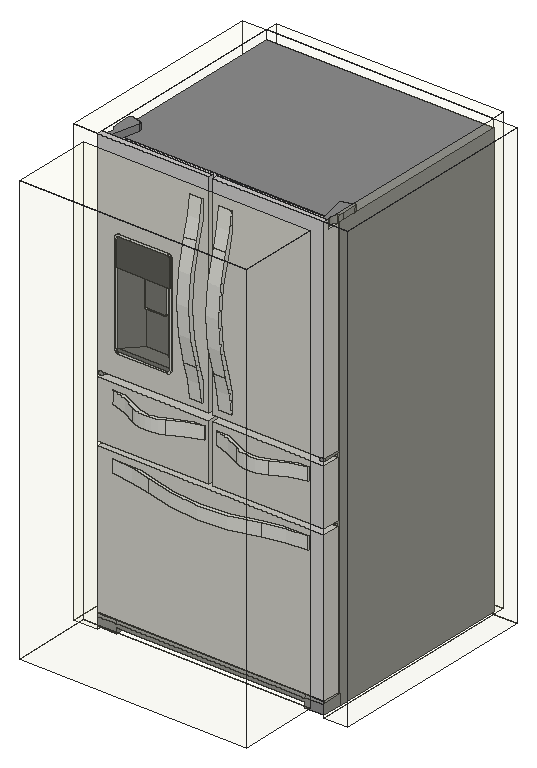
Revit family "WRV986FDEM_035c_Refrigeration_French_Door", category Specialty Equipment, Revit 2026
Family settings
  Round Connector Dimension = Use Diameter
  Part Type = Normal
  Work Plane-Based = No
  Enable Cutting in Views = No
  Always vertical = Yes
  Cut with Voids When Loaded = No
  Maintain Annotation Orientation = No
  Shared = No
  Room Calculation Point = No
Parameters (values of type "WRV986FDEM")
  Width = 35 3/4"
  Warranty Duration (Years) = "One year limited"
  Voltage = 120 V
  URL = "https://www.whirlpool.com/kitchen/refrigeration/refrigerators/french-door/p.26-cu.-ft.-double-drawer-refrigerator-with-dual-icemakers.wrv986fdem.html"
  Specification = ""
  SpecWizard = ""
  Show Clearance [instance] = yes
  Send Message = ""
  Sales Information = "https://www.whirlpool.com/kitchen/refrigeration/refrigerators/french-door/p.26-cu.-ft.-double-drawer-refrigerator-with-dual-icemakers.wrv986fdem.html"
  Product Data = "https://www.whirlpool.com/content/dam/global/documents/201503/owners-manual-W10730921-RevA.pdf"
  Model = "WRV986FDEM"
  Manufacturer Website = ""
  Manufacturer Phone - Toll Free = ""
  Manufacturer Phone = ""
  Manufacturer Fax = ""
  Manufacturer Email = ""
  Manufacturer Address = ""
  Manufacturer = "Whirlpool"
  Maintenance Schedule (Months) = "NA"
  Leg Material = ARCAT - Plastic - Black
  Installation-Fabrication = "https://www.whirlpool.com/content/dam/global/documents/201503/owners-manual-W10730921-RevA.pdf"
  Installation Phase = "NA"
  Height = 70 1/8"
  Handle Material = ARCAT - Metal - Steel - Gray
  HW size = 0"
  Family Name = "French Door Refrigerator"
  Expected Lifespan (Years) = "NA"
  Exhaust size = 0"
  Drawn By = ""
  Drain size = 0"
  Door Material = ARCAT - Metal - Steel - Stainless
  Display Panel Material = ARCAT - Glass - Black
  Description = "Whirlpool® 26 cu. ft. Double Drawer Refrigerator with Dual Icemakers"
  Depth = 36"
  Default Elevation = 0"
  Copyright = ""
  Clearance Material = ARCAT - Clearance
  CW size = 0"
  Body Material = ARCAT - Metal - Steel - Black
  Apparent Load = 0 VA
  Amps = 15 A
  Accent Material = ARCAT - Metal - Aluminum
Reference planes (in)
  plane 1 "Center (Front/Back)": y = 0
  plane 2: z = 0
  plane 3 "Center (Left/Right)": x = 0
  plane 4: z = 0
  plane 5: z = 70.125
  plane 6: x = -17.875
  plane 7: x = 17.875
  plane 8: y = -2
  plane 9: y = -38
Forms (in)
  Extrusion 1, solid, material "ARCAT - Clearance" <- "Clearance Material", visible <- "Show Clearance", detail levels medium+fine
    sketch origin (63.95747, -186.5, 70.125) x (-1, 0, 0) y (0, -1, 0)
      loop
        line (46.08247, -148.5) -> (81.83247, -148.5) -> (81.83247, -135.875) -> (46.08247, -135.875) -> (46.08247, -148.5)
    from 0 to -67.625
  Extrusion 2, solid, material "ARCAT - Clearance" <- "Clearance Material", visible <- "Show Clearance", detail levels medium+fine
    sketch origin (-28.44169, -182, 0) x (-1, 0, 0) y (0, -1, 0)
      loop
        line (-6.81669, -146.625) -> (-10.56669, -146.625) -> (-10.56669, -180) -> (-6.81669, -180) -> (-6.81669, -146.625)
      loop
        line (-50.06669, -146.625) -> (-50.06669, -180) -> (-46.31669, -180) -> (-46.31669, -146.625) -> (-50.06669, -146.625)
    from 0 to 70.125
  Extrusion 3, solid, material "ARCAT - Clearance" <- "Clearance Material", visible <- "Show Clearance", detail levels medium+fine
    sketch origin (-24.53544, -148.5, 0) x (-1, 0, 0) y (0, -1, 0)
      loop
        line (-6.66044, -148.5) -> (-6.66044, -146.5) -> (-42.41044, -146.5) -> (-42.41044, -148.5) -> (-6.66044, -148.5)
    from 0 to 70.125
  Extrusion 4, solid, material "ARCAT - Metal - Steel - Black" <- "Body Material"
    sketch origin (0, -3.25, 0) x (1, 0, 0) y (0, 1, 0)
      loop
        line (-17.875, 1) -> (-17.875, -29) -> (17.875, -29) -> (17.875, 1) -> (-17.875, 1)
    from 0.5 to 68.75
  Extrusion 5, solid, material "ARCAT - Metal - Steel - Stainless" <- "Door Material"
    sketch origin (0, -6.5, 0) x (1, 0, 0) y (0, 1, 0)
      loop
        line (-17.875, -28.875) -> (17.875, -28.875) -> (17.875, -26.25) -> (17.3125, -26.25) -> (17.3125, -25.75) -> (-17.3125, -25.75) -> (-17.3125, -26.25) -> (-17.875, -26.25) -> (-17.875, -28.875)
    from 2.5 to 26
  Extrusion 6, solid, material "ARCAT - Metal - Steel - Stainless" <- "Door Material"
    sketch origin (0, -6.5, 24.5) x (1, 0, 0) y (0, 1, 0)
      loop
        line (-17.875, -28.875) -> (-0.3125, -28.875) -> (-0.3125, -25.75) -> (-17.3125, -25.75) -> (-17.3125, -26.25) -> (-17.875, -26.25) -> (-17.875, -28.875)
    from 12.25 to 44.25
  Extrusion 7, solid, material "ARCAT - Metal - Steel - Stainless" <- "Door Material"
    sketch origin (0, -6.5, -1.75) x (1, 0, 0) y (0, 1, 0)
      loop
        line (-17.875, -28.875) -> (-0.3125, -28.875) -> (-0.3125, -28.125) -> (-17.875, -28.125) -> (-17.875, -28.875)
    from 70.5 to 71.875
  Extrusion 8, solid, material "ARCAT - Metal - Steel - Stainless" <- "Door Material"
    sketch origin (0, -6.5, 7) x (1, 0, 0) y (0, 1, 0)
      loop
        line (-17.875, -28.875) -> (-0.3125, -28.875) -> (-0.3125, -25.75) -> (-17.3125, -25.75) -> (-17.3125, -26.25) -> (-17.875, -26.25) -> (-17.875, -28.875)
      loop
        line (17.3125, -25.75) -> (0.3125, -25.75) -> (0.3125, -28.875) -> (17.875, -28.875) -> (17.875, -26.25) -> (17.3125, -26.25) -> (17.3125, -25.75)
    from 19.75 to 28.75
  Extrusion 9, solid, material "ARCAT - Glass - Black" <- "Display Panel Material"
    sketch origin (-18.77019, -35.38003, 75.5) x (1, 0, 0) y (0, 0, 1)
      loop
        line (3.89519, -23.21472) -> (12.39519, -23.21472) -> (12.39519, -19.17738)
        arc (12.39519, -19.17738) -> (12.24874, -18.82382) -> (11.89519, -18.67738) r 0.5
        line (11.89519, -18.67738) -> (4.39519, -18.67738)
        arc (4.39519, -18.67738) -> (4.04164, -18.82382) -> (3.89519, -19.17738) r 0.5
        line (3.89519, -19.17738) -> (3.89519, -23.21472)
    from 0 to 0.0625
  Extrusion 10, solid, material "ARCAT - Metal - Steel - Stainless" <- "Door Material"
    sketch origin (0, -6.5, 24.5) x (1, 0, 0) y (0, 1, 0)
      loop
        line (17.3125, -25.75) -> (0.3125, -25.75) -> (0.3125, -28.875) -> (17.875, -28.875) -> (17.875, -26.25) -> (17.3125, -26.25) -> (17.3125, -25.75)
    from 12.25 to 44.25
  Extrusion 11, solid, material "ARCAT - Metal - Steel - Stainless" <- "Door Material"
    sketch origin (0, -6.5, -1.75) x (1, 0, 0) y (0, 1, 0)
      loop
        line (17.875, -28.125) -> (0.3125, -28.125) -> (0.3125, -28.875) -> (17.875, -28.875) -> (17.875, -28.125)
    from 70.5 to 71.875
  Extrusion 12, solid, material "ARCAT - Metal - Steel - Black" <- "Body Material"
    sketch origin (-17.375, -2.25, 0) x (1, 0, 0) y (0, 0, -1)
      loop
        line (35.25, -68.75) -> (35.25, -0.5) -> (-0.5, -0.5) -> (-0.5, -68.75) -> (35.25, -68.75)
      loop
        line (34.25, -1.5) -> (0.5, -1.5) -> (0.5, -67.75) -> (34.25, -67.75) -> (34.25, -1.5)
    from 0 to 0.25
  Extrusion 13, solid, material "ARCAT - Metal - Aluminum" <- "Accent Material"
    sketch origin (-17.375, -2.25, 0) x (-1, 0, 0) y (0, 0, -1)
      loop
        line (-34.25, -67.75) -> (-0.5, -67.75) -> (-0.5, -1.5) -> (-34.25, -1.5) -> (-34.25, -67.75)
      loop
        line (-2.83829, -6.69408) -> (-2.60822, -6.69408) -> (-2.60822, -7.19408) -> (-2.35822, -7.19408) -> (-2.35822, -7.69408) -> (-2.08829, -7.69408) -> (-2.08829, -7.19408) -> (-1.83829, -7.19408) -> (-1.83829, -6.69408) -> (-1.61954, -6.69408)
        arc (-1.61954, -6.69408) -> (-1.59744, -6.68493) -> (-1.58829, -6.66283) r 0.03125
        line (-1.58829, -6.66283) -> (-1.58829, -6.44408) -> (-1.18204, -6.44408) -> (-1.18204, -5.44408) -> (-2.58829, -5.44408)
        arc (-2.58829, -5.44408) -> (-2.76506, -5.5173) -> (-2.83829, -5.69408) r 0.25
        line (-2.83829, -5.69408) -> (-2.83829, -6.69408)
      loop
        line (-2.35822, -9.03835) -> (-2.08829, -9.03835) -> (-2.08829, -8.35068) -> (-2.35822, -8.35068) -> (-2.35822, -9.03835)
    from 0 to -0.03125
  Extrusion 14, solid, material "ARCAT - Metal - Aluminum" <- "Accent Material"
    sketch origin (-18.57834, -2.21875, 20.04531) x (1, 0, 0) y (0, 0, -1)
      loop
        line (30.95318, -45.98048) -> (30.95318, -43.98048) -> (28.95318, -43.98048) -> (28.95318, -45.98048) -> (29.20318, -45.98048) -> (29.20318, -44.48048)
        arc (29.20318, -44.48048) -> (29.2764, -44.3037) -> (29.45318, -44.23048) r 0.25
        line (29.45318, -44.23048) -> (30.45318, -44.23048)
        arc (30.45318, -44.23048) -> (30.62995, -44.3037) -> (30.70318, -44.48048) r 0.25
        line (30.70318, -44.48048) -> (30.70318, -45.98048) -> (30.95318, -45.98048)
    from 0 to 0.21875
  Extrusion 15, solid, material "ARCAT - Metal - Steel - Black" <- "Body Material"
    sketch origin (-0.03275, -7.60947, 68.75) x (-1, 0, 0) y (0, -1, 0)
      loop
        line (-17.51354, 21.39842) -> (-16.02917, 21.75722)
        arc (-16.02917, 21.75722) -> (-15.85727, 21.8807) -> (-15.82015, 22.08907) r 0.28125
        line (-15.82015, 22.08907) -> (-16.78806, 26.64274)
        arc (-16.78806, 26.64274) -> (-17.33794, 26.87936) -> (-17.50143, 26.30348) r 0.39831
        arc (-17.50143, 26.30348) -> (-17.32156, 25.59776) -> (-17.60425, 24.92658) r 1.14347
        arc (-17.60425, 24.92658) -> (-17.70066, 24.78883) -> (-17.76403, 24.6331) r 0.75155
        arc (-17.76403, 24.6331) -> (-17.83722, 24.28246) -> (-17.86177, 23.92511) r 2.61317
        line (-17.86177, 23.92511) -> (-17.86177, 21.6725)
        arc (-17.86177, 21.6725) -> (-17.75419, 21.45093) -> (-17.51354, 21.39842) r 0.28197
    from 0 to 1
  Extrusion 16, solid, material "ARCAT - Metal - Steel - Black" <- "Body Material"
    sketch origin (-0.03275, -7.60947, 35.75) x (-1, 0, 0) y (0, -1, 0)
      loop
        line (-17.86177, 24.64053) -> (-15.90775, 24.64053) -> (-16.89514, 25.62792)
        arc (-16.89514, 25.62792) -> (-16.92377, 25.88933) -> (-16.67476, 25.97385) r 0.21007
        line (-16.67476, 25.97385) -> (-16.48367, 25.9043)
        arc (-16.48367, 25.9043) -> (-16.25266, 25.96938) -> (-16.24093, 26.20909) r 0.20547
        line (-16.24093, 26.20909) -> (-17.13133, 27.58375)
        arc (-17.13133, 27.58375) -> (-17.55839, 27.75458) -> (-17.86177, 27.40885) r 0.39831
        line (-17.86177, 27.40885) -> (-17.86177, 24.64053)
    from 0.5 to 1
  Extrusion 17, solid, material "ARCAT - Metal - Steel - Black" <- "Body Material"
    sketch origin (0.5, -3.25, 0.5) x (0, 1, 0) y (0, 0, 1)
      loop
        line (-29, 0) -> (-29, 1.64436) -> (-31.875, 1.64436)
        arc (-31.875, 1.64436) -> (-32.05178, 1.57114) -> (-32.125, 1.39436) r 0.25
        line (-32.125, 1.39436) -> (-32.125, 0) -> (-29, 0)
    from 14.375 to 17.375
  Extrusion 18, solid, material "ARCAT - Metal - Steel - Black" <- "Body Material"
    sketch origin (0.03275, -7.60947, 68.75) x (1, 0, 0) y (0, 1, 0)
      loop
        arc (-17.51354, -21.39842) -> (-17.75419, -21.45093) -> (-17.86177, -21.6725) r 0.28197
        line (-17.86177, -21.6725) -> (-17.86177, -23.92511)
        arc (-17.86177, -23.92511) -> (-17.83722, -24.28246) -> (-17.76403, -24.6331) r 2.61317
        arc (-17.76403, -24.6331) -> (-17.70066, -24.78883) -> (-17.60425, -24.92658) r 0.75155
        arc (-17.60425, -24.92658) -> (-17.32156, -25.59776) -> (-17.50143, -26.30348) r 1.14347
        arc (-17.50143, -26.30348) -> (-17.33794, -26.87936) -> (-16.78806, -26.64274) r 0.39831
        line (-16.78806, -26.64274) -> (-15.82015, -22.08907)
        arc (-15.82015, -22.08907) -> (-15.85727, -21.8807) -> (-16.02917, -21.75722) r 0.28125
        line (-16.02917, -21.75722) -> (-17.51354, -21.39842)
    from 0 to 1
  Extrusion 19, solid, material "ARCAT - Metal - Steel - Black" <- "Body Material"
    sketch origin (0.03275, -7.60947, 35.75) x (1, 0, 0) y (0, 1, 0)
      loop
        line (-17.86177, -24.64053) -> (-17.86177, -27.40885)
        arc (-17.86177, -27.40885) -> (-17.55839, -27.75458) -> (-17.13133, -27.58375) r 0.39831
        line (-17.13133, -27.58375) -> (-16.24093, -26.20909)
        arc (-16.24093, -26.20909) -> (-16.25266, -25.96938) -> (-16.48367, -25.9043) r 0.20547
        line (-16.48367, -25.9043) -> (-16.67476, -25.97385)
        arc (-16.67476, -25.97385) -> (-16.92377, -25.88933) -> (-16.89514, -25.62792) r 0.21007
        line (-16.89514, -25.62792) -> (-15.90775, -24.64053) -> (-17.86177, -24.64053)
    from 0.5 to 1
  Extrusion 20, solid, material "ARCAT - Metal - Steel - Black" <- "Body Material"
    sketch origin (-0.5, -3.25, 0.5) x (0, 1, 0) y (0, 0, -1)
      loop
        line (-29, 0) -> (-32.125, 0) -> (-32.125, -1.39436)
        arc (-32.125, -1.39436) -> (-32.05178, -1.57114) -> (-31.875, -1.64436) r 0.25
        line (-31.875, -1.64436) -> (-29, -1.64436) -> (-29, 0)
    from 14.375 to 17.375
  Extrusion 21, solid, material "ARCAT - Glass - Black" <- "Display Panel Material"
    sketch origin (-7.39934, -32.75, 43.2138) x (-1, 0, 0) y (0, 0, -1)
      loop
        arc (4.72566, -7.57149) -> (4.90244, -7.49827) -> (4.97566, -7.32149) r 0.25
        line (4.97566, -7.32149) -> (4.97566, -3.36879)
        arc (4.97566, -3.36879) -> (4.90244, -3.19201) -> (4.72566, -3.11879) r 0.25
        line (4.72566, -3.11879) -> (1.72566, -3.11879)
        arc (1.72566, -3.11879) -> (1.54888, -3.19201) -> (1.47566, -3.36879) r 0.25
        line (1.47566, -3.36879) -> (1.47566, -7.32149)
        arc (1.47566, -7.32149) -> (1.54888, -7.49827) -> (1.72566, -7.57149) r 0.25
        line (1.72566, -7.57149) -> (4.72566, -7.57149)
      loop
        arc (4.91316, -3.36879) -> (4.85824, -3.23621) -> (4.72566, -3.18129) r 0.1875
        line (4.72566, -3.18129) -> (1.72566, -3.18129)
        arc (1.72566, -3.18129) -> (1.59308, -3.23621) -> (1.53816, -3.36879) r 0.1875
        line (1.53816, -3.36879) -> (1.53816, -7.32149)
        arc (1.53816, -7.32149) -> (1.59308, -7.45407) -> (1.72566, -7.50899) r 0.1875
        line (1.72566, -7.50899) -> (4.72566, -7.50899)
        arc (4.72566, -7.50899) -> (4.85824, -7.45407) -> (4.91316, -7.32149) r 0.1875
        line (4.91316, -7.32149) -> (4.91316, -3.36879)
    from 0 to 0.25
  Extrusion 22, solid, material "ARCAT - Glass - Black" <- "Display Panel Material"
    sketch origin (-7.39934, -32.75, 43.2138) x (-1, 0, 0) y (0, 0, -1)
      loop
        arc (4.72566, -7.50899) -> (4.85824, -7.45407) -> (4.91316, -7.32149) r 0.1875
        line (4.91316, -7.32149) -> (4.91316, -3.36879)
        arc (4.91316, -3.36879) -> (4.85824, -3.23621) -> (4.72566, -3.18129) r 0.1875
        line (4.72566, -3.18129) -> (1.72566, -3.18129)
        arc (1.72566, -3.18129) -> (1.59308, -3.23621) -> (1.53816, -3.36879) r 0.1875
        line (1.53816, -3.36879) -> (1.53816, -7.32149)
        arc (1.53816, -7.32149) -> (1.59308, -7.45407) -> (1.72566, -7.50899) r 0.1875
        line (1.72566, -7.50899) -> (4.72566, -7.50899)
    from 0 to 0.25
  Extrusion 23, solid, material "ARCAT - Glass - Black" <- "Display Panel Material"
    sketch origin (-18.77019, -35.38003, 75.625) x (1, 0, 0) y (0, 0, 1)
      loop
        line (12.39519, -34.75) -> (12.39519, -19.30238)
        arc (12.39519, -19.30238) -> (12.24874, -18.94882) -> (11.89519, -18.80238) r 0.5
        line (11.89519, -18.80238) -> (4.39519, -18.80238)
        arc (4.39519, -18.80238) -> (4.04164, -18.94882) -> (3.89519, -19.30238) r 0.5
        line (3.89519, -19.30238) -> (3.89519, -34.75)
        arc (3.89519, -34.75) -> (4.04164, -35.10355) -> (4.39519, -35.25) r 0.5
        line (4.39519, -35.25) -> (11.89519, -35.25)
        arc (11.89519, -35.25) -> (12.24874, -35.10355) -> (12.39519, -34.75) r 0.5
      loop
        line (11.89519, -18.55238) -> (4.39519, -18.55238)
        arc (4.39519, -18.55238) -> (3.86486, -18.77205) -> (3.64519, -19.30238) r 0.75
        line (3.64519, -19.30238) -> (3.64519, -34.75)
        arc (3.64519, -34.75) -> (3.86486, -35.28033) -> (4.39519, -35.5) r 0.75
        line (4.39519, -35.5) -> (11.89519, -35.5)
        arc (11.89519, -35.5) -> (12.42552, -35.28033) -> (12.64519, -34.75) r 0.75
        line (12.64519, -34.75) -> (12.64519, -19.30238)
        arc (12.64519, -19.30238) -> (12.42552, -18.77205) -> (11.89519, -18.55238) r 0.75
    from 0 to 0.0625
  Extrusion 24, solid, material "ARCAT - Metal - Steel - Black" <- "Body Material"
    sketch origin (-28.90625, -32.125, 48.5) x (-1, 0, 0) y (0, 0, 1)
      loop
        line (-14.03125, -48) -> (-14.03125, -47.16219) -> (-43.78125, -47.16219) -> (-43.78125, -48) -> (-14.03125, -48)
    from -2.12115 to -0.125
  Extrusion 25, solid, material "ARCAT - Metal - Steel - Black" <- "Body Material"
    sketch origin (0, 0, 0) x (0, 1, 0) y (0, 0, 1)
      loop
        arc (-35.125, 2.14436) -> (-35.30178, 2.07114) -> (-35.375, 1.89436) r 0.25
        line (-35.375, 1.89436) -> (-35.375, 1.33781) -> (-32.25, 1.33781) -> (-32.25, 2.14436) -> (-35.125, 2.14436)
    from -14.875 to 14.875
  Extrusion 26, solid, material "ARCAT - Plastic - Black" <- "Leg Material"
    sketch origin (-0.55738, -7.35142, 0.5) x (1, 0, 0) y (0, -1, 0)
      loop
        circle (16.18238, 22.39858) r 0.75
    from 0 to 0.5
  Extrusion 27, solid, material "ARCAT - Plastic - Black" <- "Leg Material"
    sketch origin (-0.55738, 12.39858, 0.5) x (1, 0, 0) y (0, -1, 0)
      loop
        circle (16.18238, 22.39858) r 0.75
    from 0 to 0.5
  Extrusion 28, solid, material "ARCAT - Plastic - Black" <- "Leg Material"
    sketch origin (0.55738, -7.35142, 0.5) x (1, 0, 0) y (0, -1, 0)
      loop
        circle (-16.18238, 22.39858) r 0.75
    from 0 to 0.5
  Extrusion 29, solid, material "ARCAT - Plastic - Black" <- "Leg Material"
    sketch origin (0.55738, 12.39858, 0.5) x (1, 0, 0) y (0, -1, 0)
      loop
        circle (-16.18238, 22.39858) r 0.75
    from 0 to 0.5
  Extrusion 30, solid, material "ARCAT - Metal - Steel - Gray" <- "Handle Material"
    sketch origin (0.48863, -6.04734, 0) x (0, 1, 0) y (0, 0, 1)
      loop
        arc (-30.50583, 43.36405) -> (-29.79137, 40.65736) -> (-29.42538, 37.88198) r 22.06382
        line (-29.42538, 37.88198) -> (-29.32766, 37.88198) -> (-29.32766, 40.88815)
        arc (-29.32766, 40.88815) -> (-29.63974, 42.21575) -> (-30.03146, 43.52207) r 22.56382
        arc (-30.03146, 43.52207) -> (-31.45266, 52.28528) -> (-30.03146, 61.0485) r 27.72788
        arc (-30.03146, 61.0485) -> (-29.63974, 62.35482) -> (-29.32766, 63.68242) r 22.56382
        line (-29.32766, 63.68242) -> (-29.32766, 66.68859) -> (-29.42538, 66.68859)
        arc (-29.42538, 66.68859) -> (-29.79137, 63.91321) -> (-30.50583, 61.20652) r 22.06382
        arc (-30.50583, 61.20652) -> (-31.95266, 52.28528) -> (-30.50583, 43.36405) r 28.22788
    from 0.83523 to 2.83523
  Extrusion 31, solid, material "ARCAT - Metal - Steel - Gray" <- "Handle Material"
    sketch origin (-4.1591, -6.04734, 0) x (0, 1, 0) y (0, 0, 1)
      loop
        arc (-30.50583, 43.36405) -> (-29.79137, 40.65736) -> (-29.42538, 37.88198) r 22.06382
        line (-29.42538, 37.88198) -> (-29.32766, 37.88198) -> (-29.32766, 40.88815)
        arc (-29.32766, 40.88815) -> (-29.63974, 42.21575) -> (-30.03146, 43.52207) r 22.56382
        arc (-30.03146, 43.52207) -> (-31.45266, 52.28528) -> (-30.03146, 61.0485) r 27.72788
        arc (-30.03146, 61.0485) -> (-29.63974, 62.35482) -> (-29.32766, 63.68242) r 22.56382
        line (-29.32766, 63.68242) -> (-29.32766, 66.68859) -> (-29.42538, 66.68859)
        arc (-29.42538, 66.68859) -> (-29.79137, 63.91321) -> (-30.50583, 61.20652) r 22.06382
        arc (-30.50583, 61.20652) -> (-31.95266, 52.28528) -> (-30.50583, 43.36405) r 28.22788
    from 0.83523 to 2.83523
  Extrusion 32, solid, material "ARCAT - Metal - Steel - Gray" <- "Handle Material"
    sketch origin (52.28528, -6.04734, 22.16477) x (0, 1, 0) y (-1, 0, 0)
      loop
        arc (-30.50583, 43.36405) -> (-29.70258, 40.17914) -> (-29.38106, 36.91028) r 22.06382
        line (-29.38106, 36.91028) -> (-29.32766, 36.91028) -> (-29.32766, 40.88815)
        arc (-29.32766, 40.88815) -> (-29.63974, 42.21575) -> (-30.03146, 43.52207) r 22.56382
        arc (-30.03146, 43.52207) -> (-31.45266, 52.28528) -> (-30.03146, 61.0485) r 27.72788
        arc (-30.03146, 61.0485) -> (-29.63974, 62.35482) -> (-29.32766, 63.68242) r 22.56382
        line (-29.32766, 63.68242) -> (-29.32766, 67.66028) -> (-29.38106, 67.66028)
        arc (-29.38106, 67.66028) -> (-29.70258, 64.39143) -> (-30.50583, 61.20652) r 22.06382
        arc (-30.50583, 61.20652) -> (-31.95266, 52.28528) -> (-30.50583, 43.36405) r 28.22788
    from 0.83523 to 2.83523
  Extrusion 33, solid, material "ARCAT - Metal - Steel - Gray" <- "Handle Material"
    sketch origin (52.28528, -6.04734, 31.91477) x (0, 1, 0) y (-1, 0, 0)
      loop
        line (-29.32766, 67.66028) -> (-29.38106, 67.66028)
        arc (-29.38106, 67.66028) -> (-30.14434, 65.26914) -> (-31.25631, 63.01887) r 16.75297
        arc (-31.25631, 63.01887) -> (-31.95266, 60.47278) -> (-31.25631, 57.9267) r 5.00285
        arc (-31.25631, 57.9267) -> (-30.14434, 55.67643) -> (-29.38106, 53.28528) r 16.75297
        line (-29.38106, 53.28528) -> (-29.32766, 53.28528) -> (-29.32766, 54.90975)
        arc (-29.32766, 54.90975) -> (-29.99127, 56.58462) -> (-30.82591, 58.18116) r 17.25297
        arc (-30.82591, 58.18116) -> (-31.45266, 60.47278) -> (-30.82591, 62.76441) r 4.50285
        arc (-30.82591, 62.76441) -> (-29.99127, 64.36095) -> (-29.32766, 66.03582) r 17.25297
        line (-29.32766, 66.03582) -> (-29.32766, 67.66028)
    from 0.83523 to 2.83523
  Extrusion 34, solid, material "ARCAT - Metal - Steel - Gray" <- "Handle Material"
    sketch origin (-52.28528, -6.04734, 31.91477) x (0, 1, 0) y (-1, 0, 0)
      loop
        line (-29.32766, -67.66028) -> (-29.32766, -66.03582)
        arc (-29.32766, -66.03582) -> (-29.99127, -64.36095) -> (-30.82591, -62.76441) r 17.25297
        arc (-30.82591, -62.76441) -> (-31.45266, -60.47278) -> (-30.82591, -58.18116) r 4.50285
        arc (-30.82591, -58.18116) -> (-29.99127, -56.58462) -> (-29.32766, -54.90975) r 17.25297
        line (-29.32766, -54.90975) -> (-29.32766, -53.28528) -> (-29.38106, -53.28528)
        arc (-29.38106, -53.28528) -> (-30.14434, -55.67643) -> (-31.25631, -57.9267) r 16.75297
        arc (-31.25631, -57.9267) -> (-31.95266, -60.47278) -> (-31.25631, -63.01887) r 5.00285
        arc (-31.25631, -63.01887) -> (-30.14434, -65.26914) -> (-29.38106, -67.66028) r 16.75297
        line (-29.38106, -67.66028) -> (-29.32766, -67.66028)
    from 0.83523 to 2.83523
  Blend 35, void
    base sketch origin (-28.90625, -28.875, 48) x (-1, 0, 0) y (0, 0, 1)
      loop
        line (-14.03125, 4.28528) -> (-22.53125, 4.28528) -> (-22.53125, -7.125)
        arc (-22.53125, -7.125) -> (-22.3848, -7.47855) -> (-22.03125, -7.625) r 0.5
        line (-22.03125, -7.625) -> (-14.53125, -7.625)
        arc (-14.53125, -7.625) -> (-14.1777, -7.47855) -> (-14.03125, -7.125) r 0.5
        line (-14.03125, -7.125) -> (-14.03125, 4.28528)
    top sketch origin (-28.90625, -28.875, 48) x (-1, 0, 0) y (0, 0, 1)
      loop
        line (-16.53125, -7.625) -> (-16.53125, 2.78528) -> (-20.03125, 2.78528) -> (-20.03125, -7.625) -> (-16.53125, -7.625)
    from -6.5 to -3.875
  SweptBlend 36, solid, material "ARCAT - Glass - Black" <- "Display Panel Material"
    path origin (-10.625, -35.375, 40.375) x (0, 1, 0) y (-1, 0, 0)
      loop
        line (-0.03628, 0) -> (2.625, 0)
    profile origin (-10.625, -35.41128, 40.375) x (-1, 0, 0) y (0, 0, 1)
      loop
        arc (3.75, 0) -> (4.10355, 0.14645) -> (4.25, 0.5) r 0.5
        line (4.25, 0.5) -> (-4.25, 0.5)
        arc (-4.25, 0.5) -> (-4.10355, 0.14645) -> (-3.75, 0) r 0.5
        line (-3.75, 0) -> (3.75, 0)
    end profile origin (-10.625, -32.75, 40.375) x (-1, 0, 0) y (0, 0, 1)
      loop
        arc (1.25, 0) -> (1.60355, 0.14645) -> (1.75, 0.5) r 0.5
        line (1.75, 0.5) -> (-1.75, 0.5)
        arc (-1.75, 0.5) -> (-1.60355, 0.14645) -> (-1.25, 0) r 0.5
        line (-1.25, 0) -> (1.25, 0)
  Extrusion 37, solid, material "ARCAT - Metal - Steel - Black" <- "Body Material"
    sketch origin (-2.07781, -2, -3.93078) x (1, 0, 0) y (0, 0, -1)
      loop
        circle (2.07781, -6.69627) r 0.25
    from 0 to 0.03125
Cuts and joins
  joined: Extrusion 4, Extrusion 12
  Blend 35 cuts Extrusion 6
  joined: Extrusion 6, Extrusion 7
  joined: Extrusion 10, Extrusion 11
  joined: Extrusion 17, Extrusion 20, Extrusion 24, Extrusion 25
Lines and regions (in)
  symbolic lines, style "SpecialityEquipment"
    curve 1: line (-17.875, -2, 71.875) -> (17.875, -2, 71.875)
    curve 2: line (-17.875, -35.375, 71.875) -> (-17.875, -2, 71.875)
    curve 3: line (17.875, -35.375, 71.875) -> (-17.875, -35.375, 71.875)
    curve 4: line (17.875, -2, 71.875) -> (17.875, -35.375, 71.875)
    curve 5: line (-1.32387, -38, 71.875) -> (-1.32387, -35.375, 71.875)
    curve 6: line (-3.32387, -35.375, 71.875) -> (-3.32387, -38, 71.875)
    curve 7: line (1.32387, -38.00001, 71.875) -> (1.32387, -35.375, 71.875)
    curve 8: line (3.32387, -35.375, 71.875) -> (3.32387, -38, 71.875)
    curve 9: line (-3.32387, -38, 10.98444) -> (-1.32387, -38, 10.98444)
    curve 10: line (1.32387, -38.00001, 10.98444) -> (3.32387, -38.00001, 10.98444)
    curve 35: arc (11.39714, -35.375, 46.33014) -> (10.06954, -35.68708, 46.33014) -> (8.76321, -36.0788, 46.33014) r 22.56382
    curve 36: arc (8.76321, -36.0788, 46.33014) -> (6.07431, -36.82647, 46.33014) -> (3.32387, -37.30006, 46.33014) r 27.72788
    curve 37: arc (-8.76321, -36.0788, 46.33014) -> (-10.06954, -35.68708, 46.33014) -> (-11.39714, -35.375, 46.33014) r 22.56382
    curve 38: arc (-15.375, -35.4284, 46.33014) -> (-12.10614, -35.74992, 46.33014) -> (-8.92124, -36.55317, 46.33014) r 22.06382
    curve 39: arc (-8.92124, -36.55317, 46.33014) -> (-6.15439, -37.32093, 46.33014) -> (-3.32387, -37.80362, 46.33014) r 28.22788
    curve 40: arc (8.92124, -36.55317, 46.33014) -> (12.10614, -35.74992, 46.33014) -> (15.375, -35.4284, 46.33014) r 22.06382
    curve 41: line (-15.375, -35.4284, 46.33014) -> (-15.375, -35.375, 46.33014)
    curve 42: line (15.375, -35.375, 46.33014) -> (15.375, -35.4284, 46.33014)
  model lines, style "Knob"
    curve 11: line (-13.70312, -35.44253, 53.66748) -> (-12.70312, -35.44253, 53.66748)
    curve 12: line (-13.70312, -35.44253, 53.41748) -> (-13.70312, -35.44253, 53.66748)
    curve 13: line (-7.54687, -35.44253, 53.41748) -> (-8.54687, -35.44253, 53.41748)
    curve 14: line (-12.70312, -35.44253, 53.41748) -> (-12.70312, -35.44253, 53.66748)
    curve 15: line (-12.67187, -35.44253, 53.41748) -> (-12.67187, -35.44253, 53.66748)
    curve 16: line (-11.67187, -35.44253, 53.41748) -> (-11.67187, -35.44253, 53.66748)
    curve 17: line (-11.64062, -35.44253, 53.41748) -> (-11.64062, -35.44253, 53.66748)
    curve 18: line (-10.64062, -35.44253, 53.41748) -> (-10.64062, -35.44253, 53.66748)
    curve 19: line (-10.60937, -35.44253, 53.41748) -> (-10.60937, -35.44253, 53.66748)
    curve 20: line (-9.60937, -35.44253, 53.41748) -> (-9.60937, -35.44253, 53.66748)
    curve 21: line (-9.57812, -35.44253, 53.41748) -> (-9.57812, -35.44253, 53.66748)
    curve 22: line (-8.57812, -35.44253, 53.41748) -> (-8.57812, -35.44253, 53.66748)
    curve 23: line (-8.54687, -35.44253, 53.41748) -> (-8.54687, -35.44253, 53.66748)
    curve 24: line (-7.54687, -35.44253, 53.41748) -> (-7.54687, -35.44253, 53.66748)
    curve 25: line (-12.67187, -35.44253, 53.66748) -> (-11.67187, -35.44253, 53.66748)
    curve 26: line (-12.70312, -35.44253, 53.41748) -> (-13.70312, -35.44253, 53.41748)
    curve 27: line (-11.64062, -35.44253, 53.66748) -> (-10.64062, -35.44253, 53.66748)
    curve 28: line (-11.67187, -35.44253, 53.41748) -> (-12.67187, -35.44253, 53.41748)
    curve 29: line (-10.60937, -35.44253, 53.66748) -> (-9.60937, -35.44253, 53.66748)
    curve 30: line (-10.64062, -35.44253, 53.41748) -> (-11.64062, -35.44253, 53.41748)
    curve 31: line (-9.57812, -35.44253, 53.66748) -> (-8.57812, -35.44253, 53.66748)
    curve 32: line (-9.60937, -35.44253, 53.41748) -> (-10.60937, -35.44253, 53.41748)
    curve 33: line (-8.54687, -35.44253, 53.66748) -> (-7.54687, -35.44253, 53.66748)
    curve 34: line (-8.57812, -35.44253, 53.41748) -> (-9.57812, -35.44253, 53.41748)
  symbolic lines
    curve 43: arc (-3.32387, -37.30006, 46.33014) -> (-6.07431, -36.82647, 46.33014) -> (-8.76321, -36.0788, 46.33014) r 27.72788
    curve 44: arc (-1.32387, -37.96894, 46.33014) -> (0, -38, 46.33014) -> (1.32387, -37.96894, 46.33014) r 28.22788
    curve 45: arc (3.32387, -37.80362, 46.33014) -> (6.15439, -37.32093, 46.33014) -> (8.92124, -36.55317, 46.33014) r 28.22788
    curve 46: arc (1.32387, -37.46838, 46.33014) -> (0, -37.5, 46.33014) -> (-1.32387, -37.46838, 46.33014) r 27.72788
  model lines
    curve 47: line (-14.19296, -2.21875, 4.44408) -> (-16.19296, -2.21875, 4.44408)
    curve 48: line (-14.19296, -2.21875, 2.03835) -> (-14.19296, -2.21875, 4.44408)
    curve 49: line (-16.19296, -2.21875, 2.03835) -> (-14.19296, -2.21875, 2.03835)
    curve 50: line (-16.19296, -2.21875, 4.44408) -> (-16.19296, -2.21875, 2.03835)
    curve 51: line (-11.69296, -2.21875, 9.03835) -> (-13.69296, -2.21875, 9.03835)
    curve 52: line (-11.69296, -2.21875, 2.03835) -> (-11.69296, -2.21875, 9.03835)
    curve 53: line (-13.69296, -2.21875, 2.03835) -> (-11.69296, -2.21875, 2.03835)
    curve 54: line (-13.69296, -2.21875, 9.03835) -> (-13.69296, -2.21875, 2.03835)
    curve 55: line (-9.19296, -2.21875, 7.89372) -> (-11.19296, -2.21875, 7.89372)
    curve 56: line (-9.19296, -2.21875, 2.03835) -> (-9.19296, -2.21875, 7.89372)
    curve 57: line (-11.19296, -2.21875, 2.03835) -> (-9.19296, -2.21875, 2.03835)
    curve 58: line (-11.19296, -2.21875, 7.89372) -> (-11.19296, -2.21875, 2.03835)
    curve 59: line (16.625, -2.21875, 39.03835) -> (6.625, -2.21875, 39.03835)
    curve 60: line (16.625, -2.21875, 27.03835) -> (16.625, -2.21875, 39.03835)
    curve 61: line (6.625, -2.21875, 27.03835) -> (16.625, -2.21875, 27.03835)
    curve 62: line (6.625, -2.21875, 39.03835) -> (6.625, -2.21875, 27.03835)
    curve 63: line (-14.625, -2.21875, 27.0854) -> (-16.625, -2.21875, 27.0854)
    curve 64: line (-14.625, -2.21875, 23) -> (-14.625, -2.21875, 27.0854)
    curve 65: line (-16.625, -2.21875, 23) -> (-14.625, -2.21875, 23)
    curve 66: line (-16.625, -2.21875, 27.0854) -> (-16.625, -2.21875, 23)
    curve 67: line (10.86975, -2.21875, 29.53835) -> (7.86975, -2.21875, 29.53835)
    curve 68: line (10.86975, -2.21875, 28.12225) -> (10.86975, -2.21875, 29.53835)
    curve 69: line (7.86975, -2.21875, 28.12225) -> (10.86975, -2.21875, 28.12225)
    curve 70: line (7.86975, -2.21875, 29.53835) -> (7.86975, -2.21875, 28.12225)
    curve 71: circle (2.00754, -2.21875, 57.05253) r 0.5 normal (0, 1, 0)
    curve 72: circle (4.1654, -2.21875, 18.63619) r 0.5 normal (0, 1, 0)
Dimensions and locks (in)
  "Height": plane 5 to level
  equal spacing: plane 6, plane 3 "Center (Left/Right)", plane 7
  "Width": plane 6 to plane 7
  "Depth": plane 8 to plane 9
  aligned and locked: plane 2 to level
Automatic sketch dimensions
  curve 1 to plane 7 = 0"
  curve 8 to plane 9 = 0"
  curve 5 to plane 9 = 0"
  curve 6 to plane 9 = 0"
  curve 2 to plane 6 = 0"
  curve 1 to plane 8 = 0"
  plane 9 to curve 3 = 2 5/8"
  plane 3 "Center (Left/Right)" to curve 8 = 3.32387"
  curve 7 to plane 9 = 0"
  plane 3 "Center (Left/Right)" to curve 7 = 1.32387"
  curve 5 to plane 3 "Center (Left/Right)" = 1.32387"
  curve 5 to curve 6 = 2"
  curve 9 to plane 9 = 0"
  curve 10 to plane 9 = 0"
  plane 3 "Center (Left/Right)" to curve 10 = 3.32387"
  plane 3 "Center (Left/Right)" to curve 10 = 1.32387"
  curve 9 to plane 3 "Center (Left/Right)" = 1.32387"
  curve 9 to curve 9 = 2"
  curve 35 to curve 40 = 0"  (x2)
  curve 36 to curve 39 = 0"  (x2)
  curve 36 to curve 43 = 0"  (x2)
  curve 36 to curve 44 = 0"  (x2)
  curve 36 to curve 45 = 0"  (x2)
  curve 36 to curve 46 = 0"  (x2)
  curve 37 to curve 38 = 0"  (x2)
  curve 39 to curve 43 = 0"  (x2)
  curve 39 to curve 44 = 0"  (x2)
  curve 39 to curve 45 = 0"  (x2)
  curve 39 to curve 46 = 0"  (x2)
  curve 43 to curve 44 = 0"  (x2)
  curve 43 to curve 45 = 0"  (x2)
  curve 43 to curve 46 = 0"  (x2)
  curve 44 to curve 45 = 0"  (x2)
  curve 44 to curve 46 = 0"  (x3)
  curve 45 to curve 46 = 0"  (x2)
  curve 44 to plane 3 "Center (Left/Right)" = 0"
  curve 44 to plane 8 = 7.77212"
  plane 9 to curve 42 = 2.5716"
  plane 9 to curve 41 = 2.5716"
  curve 38 to plane 6 = 1.98064"
  curve 38 to plane 9 = 19.48611"
  plane 7 to curve 35 = 1.98064"
  curve 35 to plane 9 = 19.48611"
  curve 41 to plane 6 = 2 1/2"
  plane 7 to curve 42 = 2 1/2"
  curve 41 to curve 38 = 0.0534"
  plane 9 to curve 37 = 2 5/8"
  plane 9 to curve 35 = 2 5/8"
  curve 42 to curve 40 = 0.0534"
  curve 35 to curve 40 = 0.47437"
  curve 37 to curve 38 = 0.47437"
  curve 43 to curve 37 = 0"
  curve 36 to curve 35 = 0"
  curve 39 to curve 38 = 0"
  curve 45 to curve 40 = 0"
  plane 9 to curve 43 = 0.69994"
  plane 9 to curve 36 = 0.69994"
  plane 9 to curve 46 = 0.53162"  (x2)
  plane 9 to curve 39 = 0.19638"
  plane 9 to curve 45 = 0.19638"
  plane 9 to curve 44 = 0.03106"  (x2)
  curve 46 to plane 3 "Center (Left/Right)" = 1.32387"
  Extrusion 1 sketch curve to plane 7 = 0"
  Extrusion 1 sketch curve to plane 6 = 0"
  Extrusion 1 sketch curve to plane 9 = 0"
  Extrusion 1 sketch curve to plane 9 = 12 5/8"
  Extrusion 2 sketch curve to plane 8 = 0"  (x2)
  Extrusion 2 sketch curve to plane 7 = 0"
  Extrusion 2 sketch curve to plane 6 = 0"
  Extrusion 2 sketch curve to Extrusion 2 sketch curve = 3 3/4"
  plane 6 to Extrusion 2 sketch curve = 3 3/4"
  plane 9 to Extrusion 2 sketch curve = 2 5/8"  (x2)
  plane 1 "Center (Front/Back)" to Extrusion 3 sketch curve = 0"
  Extrusion 3 sketch curve to plane 7 = 0"
  Extrusion 3 sketch curve to plane 6 = 0"
  Extrusion 3 sketch curve to plane 8 = 0"
  Extrusion 4 sketch curve to plane 6 = 0"
  Extrusion 4 sketch curve to plane 7 = 0"
  plane 9 to Extrusion 4 sketch curve = 5 3/4"
  Extrusion 4 sketch curve to plane 8 = 1/4"
  Extrusion 5 sketch curve to plane 6 = 0"
  Extrusion 5 sketch curve to plane 7 = 0"
  Extrusion 5 sketch curve to plane 6 = 9/16"
  plane 7 to Extrusion 5 sketch curve = 9/16"
  plane 9 to Extrusion 5 sketch curve = 2 5/8"
  Extrusion 5 sketch curve to Extrusion 5 sketch curve = 2 5/8"  (x2)
  Extrusion 5 sketch curve to Extrusion 5 sketch curve = 1/2"
  Extrusion 6 sketch curve to plane 6 = 0"
  Extrusion 6 sketch curve to Extrusion 6 sketch curve = 9/16"
  Extrusion 6 sketch curve to plane 3 "Center (Left/Right)" = 5/16"
  plane 9 to Extrusion 6 sketch curve = 2 5/8"
  Extrusion 6 sketch curve to Extrusion 6 sketch curve = 2 5/8"
  Extrusion 6 sketch curve to Extrusion 6 sketch curve = 1/2"
  Extrusion 7 sketch curve to plane 6 = 0"
  Extrusion 7 sketch curve to plane 3 "Center (Left/Right)" = 5/16"
  plane 9 to Extrusion 7 sketch curve = 2 5/8"
  Extrusion 7 sketch curve to Extrusion 7 sketch curve = 3/4"
  Extrusion 8 sketch curve to plane 6 = 0"
  Extrusion 8 sketch curve to plane 7 = 0"
  Extrusion 8 sketch curve to plane 6 = 9/16"
  Extrusion 8 sketch curve to plane 3 "Center (Left/Right)" = 5/16"
  plane 3 "Center (Left/Right)" to Extrusion 8 sketch curve = 5/16"
  plane 7 to Extrusion 8 sketch curve = 9/16"
  plane 9 to Extrusion 8 sketch curve = 2 5/8"
  Extrusion 8 sketch curve to Extrusion 8 sketch curve = 0"  (x2)
  Extrusion 8 sketch curve to Extrusion 8 sketch curve = 2 5/8"  (x2)
  Extrusion 8 sketch curve to Extrusion 8 sketch curve = 3 1/8"
  Extrusion 9 sketch curve to plane 6 = 3"
  Extrusion 9 sketch curve to Extrusion 9 sketch curve = 1/2"  (x2)
  Extrusion 9 sketch curve to plane 3 "Center (Left/Right)" = 6 7/8"
  plane 5 to Extrusion 9 sketch curve = 17.83972"
  Extrusion 9 sketch curve to Extrusion 9 sketch curve = 4.03734"
  Extrusion 10 sketch curve to plane 7 = 0"
  plane 7 to Extrusion 10 sketch curve = 9/16"
  plane 3 "Center (Left/Right)" to Extrusion 10 sketch curve = 5/16"
  plane 9 to Extrusion 10 sketch curve = 2 5/8"
  Extrusion 10 sketch curve to Extrusion 10 sketch curve = 2 5/8"
  Extrusion 10 sketch curve to Extrusion 10 sketch curve = 1/2"
  Extrusion 11 sketch curve to plane 7 = 0"
  plane 3 "Center (Left/Right)" to Extrusion 11 sketch curve = 5/16"
  plane 9 to Extrusion 11 sketch curve = 2 5/8"
  Extrusion 11 sketch curve to Extrusion 11 sketch curve = 3/4"
  curve 26 to Extrusion 9 = 1 11/64"
  curve 12 to curve 26 = 1"
  curve 14 to curve 15 = 1/32"
  curve 15 to curve 16 = 1"
  curve 16 to curve 27 = 1/32"
  curve 17 to curve 30 = 1"
  curve 18 to curve 19 = 1/32"
  curve 19 to curve 29 = 1"
  curve 20 to curve 21 = 1/32"
  curve 21 to curve 34 = 1"
  curve 22 to curve 23 = 1/32"
  curve 23 to curve 33 = 1"
  curve 23 to Extrusion 9 = 1.1322"
  curve 34 to curve 13 = 0"
  curve 12 to Extrusion 9 = 1.1322"
  curve 32 to curve 21 = 0"
  curve 15 to curve 14 = 0"
  curve 30 to curve 16 = 0"
  curve 22 to curve 22 = 1/4"
  curve 23 to curve 22 = 0"
  curve 15 to curve 25 = 1/4"
  curve 20 to curve 21 = 0"
  curve 27 to curve 16 = 0"
  curve 14 to curve 15 = 0"
  plane 6 to Extrusion 12 sketch curve = 0"
  plane 7 to Extrusion 12 sketch curve = 0"
  Extrusion 12 sketch curve to plane 6 = 1"
  plane 7 to Extrusion 12 sketch curve = 1"
  plane 5 to Extrusion 12 sketch curve = 1 3/8"
  Extrusion 12 sketch curve to Extrusion 12 sketch curve = 1"
  level to Extrusion 12 sketch curve = 1 1/2"
  level to Extrusion 12 sketch curve = 1/2"
  Extrusion 12 to Extrusion 13 sketch curve = 0"
  Extrusion 13 sketch curve to Extrusion 12 = 0"  (x3)
  Extrusion 12 to Extrusion 13 sketch curve = 2.33829"
  Extrusion 13 sketch curve to Extrusion 13 sketch curve = 0.23007"
  Extrusion 13 sketch curve to Extrusion 13 sketch curve = 1/4"  (x3)
  Extrusion 13 sketch curve to Extrusion 13 sketch curve = 0"  (x2)
  Extrusion 13 sketch curve to Extrusion 13 sketch curve = 0.26993"  (x2)
  Extrusion 13 sketch curve to Extrusion 13 sketch curve = 7/32"  (x2)
  Extrusion 13 sketch curve to Extrusion 13 sketch curve = 1/32"
  Extrusion 12 to Extrusion 13 sketch curve = 0.68204"
  Extrusion 12 to Extrusion 13 sketch curve = 7.53835"
  Extrusion 13 sketch curve to Extrusion 13 sketch curve = 0.68767"
  Extrusion 13 sketch curve to Extrusion 13 sketch curve = 0.6566"
  Extrusion 13 sketch curve to Extrusion 13 sketch curve = 1/2"  (x3)
  Extrusion 13 sketch curve to Extrusion 13 sketch curve = 1"
  Extrusion 14 sketch curve to Extrusion 13 = 6.50016"
  Extrusion 14 sketch curve to Extrusion 14 sketch curve = 1/4"  (x2)
  Extrusion 14 sketch curve to Extrusion 14 sketch curve = 1"
  Extrusion 14 sketch curve to Extrusion 14 sketch curve = 1 1/2"  (x2)
  Extrusion 14 sketch curve to Extrusion 14 sketch curve = 1/2"  (x2)
  Extrusion 14 sketch curve to Extrusion 13 = 1.72421"
  Extrusion 14 sketch curve to Extrusion 14 sketch curve = 0"
  Extrusion 15 sketch curve to plane 7 = 0.55411"
  plane 7 to Extrusion 15 sketch curve = 0.04598"
  Extrusion 15 sketch curve to Extrusion 15 sketch curve = 0.28197"
  Extrusion 15 sketch curve to Extrusion 15 sketch curve = 0.06625"
  plane 7 to Extrusion 15 sketch curve = 0.74087"
  plane 7 to Extrusion 15 sketch curve = 0.86716"
  Extrusion 15 sketch curve to Extrusion 15 sketch curve = 0.37882"
  Extrusion 15 sketch curve to Extrusion 15 sketch curve = 1.48454"
  Extrusion 15 sketch curve to Extrusion 15 sketch curve = 0.06608"
  Extrusion 15 sketch curve to Extrusion 15 sketch curve = 0.2751"
  Extrusion 15 sketch curve to Extrusion 15 sketch curve = 1.792"
  plane 9 to Extrusion 15 sketch curve = 8.99211"
  Extrusion 15 sketch curve to Extrusion 15 sketch curve = 0.3588"
  Extrusion 15 sketch curve to Extrusion 15 sketch curve = 0.27338"
  Extrusion 15 sketch curve to Extrusion 15 sketch curve = 1.83603"
  Extrusion 15 sketch curve to Extrusion 15 sketch curve = 0.50437"
  Extrusion 15 sketch curve to Extrusion 15 sketch curve = 1.04982"
  Extrusion 15 sketch curve to Extrusion 15 sketch curve = 0.83673"
  Extrusion 15 sketch curve to Extrusion 15 sketch curve = 0.12309"
  Extrusion 15 sketch curve to Extrusion 15 sketch curve = 0"  (x2)
  plane 7 to Extrusion 16 sketch curve = 0.04598"
  Extrusion 16 sketch curve to Extrusion 16 sketch curve = 0.39613"
  Extrusion 16 sketch curve to Extrusion 16 sketch curve = 0.33431"
  plane 7 to Extrusion 16 sketch curve = 1.01261"
  Extrusion 16 sketch curve to Extrusion 16 sketch curve = 0.14854"  (x2)
  Extrusion 16 sketch curve to Extrusion 16 sketch curve = 0.07185"
  Extrusion 16 sketch curve to Extrusion 16 sketch curve = 0.19109"
  Extrusion 16 sketch curve to Extrusion 16 sketch curve = 0.07028"
  Extrusion 16 sketch curve to Extrusion 16 sketch curve = 0.17246"
  Extrusion 16 sketch curve to Extrusion 16 sketch curve = 0.57592"
  plane 9 to Extrusion 16 sketch curve = 5 3/4"
  Extrusion 16 sketch curve to Extrusion 16 sketch curve = 0.98739"
  Extrusion 16 sketch curve to Extrusion 16 sketch curve = 0.06955"
  Extrusion 16 sketch curve to Extrusion 16 sketch curve = 0.19308"
  Extrusion 16 sketch curve to Extrusion 16 sketch curve = 1.39336"
  Extrusion 16 sketch curve to Extrusion 16 sketch curve = 0.04164"
  level to Extrusion 17 sketch curve = 1/2"
  plane 9 to Extrusion 17 sketch curve = 2 5/8"
  Extrusion 17 sketch curve to Extrusion 17 sketch curve = 1/4"
  Extrusion 17 sketch curve to Extrusion 17 sketch curve = 3 1/8"
  Extrusion 17 sketch curve to Extrusion 17 sketch curve = 1.39436"
  plane 6 to Extrusion 18 sketch curve = 0.55411"
  Extrusion 18 sketch curve to plane 6 = 0.04598"
  Extrusion 18 sketch curve to Extrusion 18 sketch curve = 0.28197"
  Extrusion 18 sketch curve to Extrusion 18 sketch curve = 0.06625"
  Extrusion 18 sketch curve to plane 6 = 0.74087"
  Extrusion 18 sketch curve to plane 6 = 0.86716"
  Extrusion 18 sketch curve to Extrusion 18 sketch curve = 0.37882"
  Extrusion 18 sketch curve to Extrusion 18 sketch curve = 1.48454"
  Extrusion 18 sketch curve to Extrusion 18 sketch curve = 0.06608"
  Extrusion 18 sketch curve to Extrusion 18 sketch curve = 0.2751"
  Extrusion 18 sketch curve to Extrusion 18 sketch curve = 1.792"
  plane 9 to Extrusion 18 sketch curve = 3.74779"
  Extrusion 18 sketch curve to Extrusion 18 sketch curve = 0.12309"
  Extrusion 18 sketch curve to Extrusion 18 sketch curve = 0.83673"
  Extrusion 18 sketch curve to Extrusion 18 sketch curve = 1.25344"
  Extrusion 18 sketch curve to Extrusion 18 sketch curve = 0.50437"
  Extrusion 18 sketch curve to Extrusion 18 sketch curve = 1.83603"
  Extrusion 18 sketch curve to Extrusion 18 sketch curve = 0.05848"
  Extrusion 18 sketch curve to Extrusion 18 sketch curve = 0.35809"
  Extrusion 18 sketch curve to Extrusion 18 sketch curve = 0"  (x2)
  Extrusion 19 sketch curve to plane 6 = 0.04598"
  Extrusion 19 sketch curve to Extrusion 19 sketch curve = 0.39613"
  Extrusion 19 sketch curve to Extrusion 19 sketch curve = 0.33431"
  Extrusion 19 sketch curve to plane 6 = 1.01261"
  Extrusion 19 sketch curve to Extrusion 19 sketch curve = 0.14854"
  Extrusion 19 sketch curve to Extrusion 19 sketch curve = 0.07185"
  Extrusion 19 sketch curve to Extrusion 19 sketch curve = 0.19109"
  Extrusion 19 sketch curve to Extrusion 19 sketch curve = 0.07028"
  Extrusion 19 sketch curve to Extrusion 19 sketch curve = 0.17246"
  Extrusion 19 sketch curve to Extrusion 19 sketch curve = 0.57592"
  plane 9 to Extrusion 19 sketch curve = 2.80677"
  Extrusion 19 sketch curve to Extrusion 19 sketch curve = 0.1749"
  Extrusion 19 sketch curve to Extrusion 19 sketch curve = 1.37467"
  Extrusion 19 sketch curve to Extrusion 19 sketch curve = 0.1117"
  Extrusion 19 sketch curve to Extrusion 19 sketch curve = 0.06955"
  Extrusion 19 sketch curve to Extrusion 19 sketch curve = 0.1974"
  Extrusion 19 sketch curve to Extrusion 19 sketch curve = 0.98739"
  level to Extrusion 20 sketch curve = 1/2"
  plane 9 to Extrusion 20 sketch curve = 2 5/8"
  Extrusion 20 sketch curve to Extrusion 20 sketch curve = 1/4"
  Extrusion 20 sketch curve to Extrusion 20 sketch curve = 3 1/8"
  Extrusion 20 sketch curve to Extrusion 20 sketch curve = 1.39436"
  Extrusion 21 sketch curve to Extrusion 21 sketch curve = 0"  (x8)
  Extrusion 21 sketch curve to plane 3 "Center (Left/Right)" = 8 7/8"
  Extrusion 21 sketch curve to Extrusion 21 sketch curve = 1/16"
  Extrusion 21 sketch curve to Extrusion 21 sketch curve = 3/16"  (x3)
  Extrusion 21 sketch curve to Extrusion 21 sketch curve = 3"  (x2)
  plane 5 to Extrusion 21 sketch curve = 19.33972"
  Extrusion 21 sketch curve to Extrusion 21 sketch curve = 3.9527"
  Extrusion 22 sketch curve to plane 3 "Center (Left/Right)" = 8 15/16"
  Extrusion 22 sketch curve to Extrusion 22 sketch curve = 3/16"  (x3)
  Extrusion 22 sketch curve to Extrusion 22 sketch curve = 3"  (x2)
  plane 5 to Extrusion 22 sketch curve = 19.40222"
  Extrusion 22 sketch curve to Extrusion 22 sketch curve = 3.9527"
  Extrusion 23 sketch curve to Extrusion 23 sketch curve = 0"  (x8)
  Extrusion 23 sketch curve to plane 6 = 2 3/4"
  Extrusion 23 sketch curve to Extrusion 23 sketch curve = 1/4"
  Extrusion 23 sketch curve to Extrusion 23 sketch curve = 1/2"  (x3)
  Extrusion 23 sketch curve to plane 3 "Center (Left/Right)" = 6 7/8"  (x2)
  plane 5 to Extrusion 23 sketch curve = 30"
  plane 5 to Extrusion 23 sketch curve = 13.80238"
  level to Extrusion 24 sketch curve = 1/2"
  plane 7 to Extrusion 24 sketch curve = 3"
  level to Extrusion 24 sketch curve = 1.33781"
  Extrusion 24 sketch curve to plane 6 = 3"
  plane 9 to Extrusion 25 sketch curve = 2 5/8"
  Extrusion 25 sketch curve to Extrusion 25 sketch curve = 1/4"
  level to Extrusion 25 sketch curve = 1.33781"
  Extrusion 25 sketch curve to Extrusion 25 sketch curve = 2 7/8"
  Extrusion 25 sketch curve to Extrusion 25 sketch curve = 0.55656"
  plane 7 to Extrusion 26 sketch curve = 2 1/4"
  plane 9 to Extrusion 26 sketch curve = 8 1/4"
  plane 7 to Extrusion 27 sketch curve = 2 1/4"
  Extrusion 27 sketch curve to plane 8 = 8"
  Extrusion 28 sketch curve to plane 6 = 2 1/4"
  plane 9 to Extrusion 28 sketch curve = 8 1/4"
  Extrusion 29 sketch curve to plane 6 = 2 1/4"
  Extrusion 29 sketch curve to plane 8 = 8"
  Extrusion 30 sketch curve to Extrusion 30 sketch curve = 0"  (x8)
  plane 5 to Extrusion 30 sketch curve = 1.94535"
  Extrusion 30 sketch curve to plane 9 = 19.48611"  (x2)
  plane 9 to Extrusion 30 sketch curve = 2.52728"  (x2)
  plane 9 to Extrusion 30 sketch curve = 2 5/8"
  Extrusion 30 sketch curve to Extrusion 30 sketch curve = 0.09772"
  Extrusion 30 sketch curve to plane 8 = 7.77212"
  plane 5 to Extrusion 30 sketch curve = 3.43641"
  Extrusion 30 sketch curve to Extrusion 30 sketch curve = 3.00616"  (x2)
  plane 5 to Extrusion 30 sketch curve = 17.83972"
  Extrusion 30 sketch curve to Extrusion 30 sketch curve = 20.16035"
  Extrusion 30 sketch curve to Extrusion 30 sketch curve = 1.49106"
  Extrusion 31 sketch curve to Extrusion 31 sketch curve = 0"  (x8)
  plane 5 to Extrusion 31 sketch curve = 1.94535"
  Extrusion 31 sketch curve to plane 9 = 19.48611"  (x2)
  plane 9 to Extrusion 31 sketch curve = 2.52728"  (x2)
  plane 9 to Extrusion 31 sketch curve = 2 5/8"
  Extrusion 31 sketch curve to Extrusion 31 sketch curve = 0.09772"
  Extrusion 31 sketch curve to plane 8 = 7.77212"
  plane 5 to Extrusion 31 sketch curve = 3.43641"
  Extrusion 31 sketch curve to Extrusion 31 sketch curve = 3.00616"  (x2)
  plane 5 to Extrusion 31 sketch curve = 17.83972"
  Extrusion 31 sketch curve to Extrusion 31 sketch curve = 20.16035"
  Extrusion 31 sketch curve to Extrusion 31 sketch curve = 1.49106"
  Extrusion 32 sketch curve to Extrusion 32 sketch curve = 0"  (x8)
  Extrusion 32 sketch curve to plane 3 "Center (Left/Right)" = 0"
  plane 7 to Extrusion 32 sketch curve = 1.98064"
  Extrusion 32 sketch curve to plane 9 = 19.48611"  (x2)
  Extrusion 32 sketch curve to plane 6 = 1.98064"
  plane 9 to Extrusion 32 sketch curve = 2.5716"  (x2)
  Extrusion 32 sketch curve to Extrusion 32 sketch curve = 0.0534"
  plane 9 to Extrusion 32 sketch curve = 2 5/8"
  Extrusion 32 sketch curve to plane 8 = 7.77212"
  plane 7 to Extrusion 32 sketch curve = 2 1/2"
  Extrusion 32 sketch curve to Extrusion 32 sketch curve = 2.4759"
  Extrusion 32 sketch curve to plane 6 = 6.47786"
  Extrusion 32 sketch curve to plane 6 = 2 1/2"
  Extrusion 33 sketch curve to Extrusion 33 sketch curve = 0"  (x8)
  plane 3 "Center (Left/Right)" to Extrusion 33 sketch curve = 2.88463"
  Extrusion 33 sketch curve to plane 9 = 13.72477"  (x2)
  plane 6 to Extrusion 33 sketch curve = 1.38463"
  plane 9 to Extrusion 33 sketch curve = 2.5716"  (x2)
  Extrusion 33 sketch curve to plane 3 "Center (Left/Right)" = 1"
  Extrusion 33 sketch curve to Extrusion 33 sketch curve = 0.0534"  (x2)
  plane 9 to Extrusion 33 sketch curve = 5.00285"
  Extrusion 33 sketch curve to Extrusion 33 sketch curve = 1.62446"  (x2)
  Extrusion 33 sketch curve to Extrusion 33 sketch curve = 5.56304"
  Extrusion 33 sketch curve to plane 6 = 4.12446"
  Extrusion 34 sketch curve to Extrusion 34 sketch curve = 0"  (x8)
  Extrusion 34 sketch curve to plane 7 = 1.38463"
  Extrusion 34 sketch curve to plane 9 = 13.72477"  (x2)
  Extrusion 34 sketch curve to plane 3 "Center (Left/Right)" = 2.88463"
  plane 9 to Extrusion 34 sketch curve = 2.5716"  (x2)
  plane 3 "Center (Left/Right)" to Extrusion 34 sketch curve = 1"
  Extrusion 34 sketch curve to Extrusion 34 sketch curve = 0.0534"  (x2)
  plane 9 to Extrusion 34 sketch curve = 5.00285"
  plane 7 to Extrusion 34 sketch curve = 2 1/2"
  Extrusion 34 sketch curve to Extrusion 34 sketch curve = 1.62446"  (x2)
  Extrusion 34 sketch curve to Extrusion 34 sketch curve = 5.56304"
  curve 52 to Extrusion 13 = 0"
  Extrusion 13 to curve 49 = 0"
  curve 63 to Extrusion 13 = 0.08829"
  Extrusion 13 to curve 48 = 11/32"
  curve 53 to curve 48 = 1/2"
  curve 51 to curve 51 = 2"
  Extrusion 13 to curve 58 = 0.19963"
  curve 58 to curve 51 = 1/2"
  Extrusion 13 to curve 57 = 0.53835"
  curve 57 to curve 57 = 2"
  Extrusion 13 to curve 71 = 14.86746"
  Extrusion 13 to curve 72 = 12.7096"
  Extrusion 13 to curve 59 = 10 1/4"
  curve 67 to curve 61 = 1.24475"
  curve 67 to curve 67 = 3"
  Extrusion 13 to curve 59 = 1/4"
  Extrusion 13 to curve 66 = 1/4"
  Extrusion 13 to curve 72 = 9.59784"
  Extrusion 13 to curve 65 = 13.96165"
  curve 60 to curve 72 = 8.40216"
  curve 63 to curve 65 = 4.0854"
  curve 68 to curve 61 = 1.0839"
  curve 67 to curve 69 = 1.4161"
  curve 59 to curve 67 = 9 1/2"
  Extrusion 13 to curve 71 = 10.69747"
  Extrusion 13 to curve 47 = 1"
  Extrusion 13 to curve 53 = 0.53835"
  Extrusion 13 to curve 50 = 0.53835"
  Blend 35 sketch curve to plane 3 "Center (Left/Right)" = 6 3/8"
  Blend 35 sketch curve to Blend 35 sketch curve = 1/2"
  Blend 35 sketch curve to plane 6 = 3 1/2"
  Blend 35 sketch curve to plane 6 = 3"
  plane 5 to Blend 35 sketch curve = 29 3/4"  (x2)
  Blend 35 sketch curve to Blend 35 sketch curve = 11.41028"
  Blend 35 sketch curve to plane 3 "Center (Left/Right)" = 8 7/8"
  Blend 35 sketch curve to Blend 35 sketch curve = 3 1/2"
  Blend 35 sketch curve to Blend 35 sketch curve = 10.41028"
  Blend 35 to SweptBlend 36 sketch curve = 0"
  Blend 35 to SweptBlend 36 sketch curve = 1.39201"
  SweptBlend 36 sketch curve to Blend 35 = 0.03628"
  SweptBlend 36 sketch curve to profile plane = 0"  (x2)
  profile plane to SweptBlend 36 sketch curve = 1/2"  (x2)
  profile plane to SweptBlend 36 sketch curve = 4 1/4"
  SweptBlend 36 sketch curve to profile plane = 3 3/4"
  profile plane to SweptBlend 36 sketch curve = 1 3/4"
  SweptBlend 36 sketch curve to profile plane = 1 1/4"
  Extrusion 37 sketch curve to plane 3 "Center (Left/Right)" = 0"
  level to Extrusion 37 sketch curve = 2.7655"
  radius of Extrusion 26 sketch curve = 3/4"
  radius of Extrusion 27 sketch curve = 3/4"
  radius of Extrusion 28 sketch curve = 3/4"
  radius of Extrusion 29 sketch curve = 3/4"
  radius of curve 71 = 1/2"
  radius of curve 72 = 1/2"
  radius of Extrusion 37 sketch curve = 1/4"
Connectors (in)
  electrical at (0, -1.96875, 2.7655), driven by "Voltage"
    settings: on Extrusion 37, index 2, voltage 120 V, apparent load 0 VA, apparent load phase1 0 VA, apparent load phase2 0 VA, apparent load phase3 0 VA, power factor 1, load classification "Other", number of poles 1, system type 30, power factor state 1, is connector primary yes, connector utility no, sub classification motor no, connector description "Electrical Connection"
